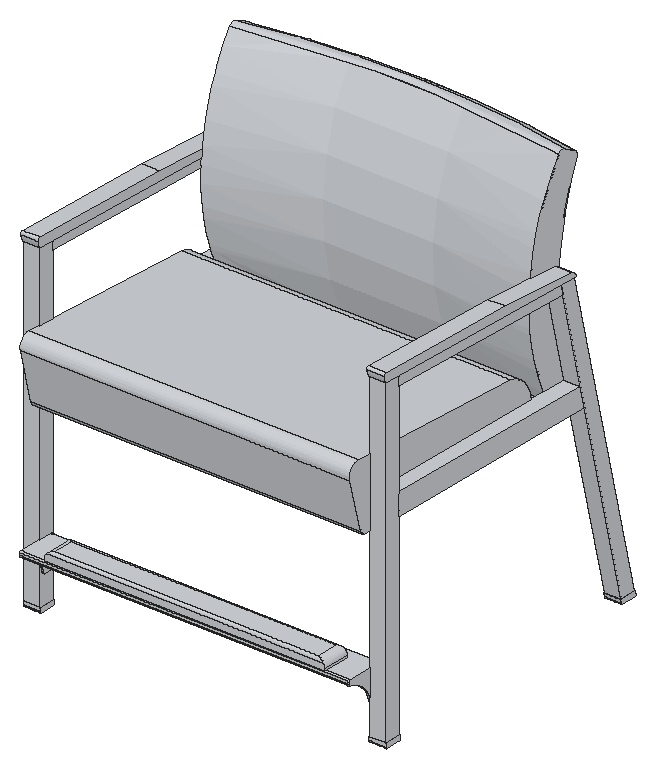
Revit family "Seat-LaZBoy-Kadia_Mod_Visitor_Seating-KAM10BHIP", category Furniture, Revit 2017
Family settings
  OmniClass Number = 23.40.20.00
  OmniClass Title = General Furniture and Specialties
  Work Plane-Based = No
  Always vertical = Yes
  Cut with Voids When Loaded = No
  Shared = No
  Room Calculation Point = No
Parameters (values of type "Wood Arm Caps")
  Width = 33.50"  # constant formula
  URL = "https://www.la-z-boy.com/"
  Seat Material [instance] = none
  Product Documentation Link = "URL"
  Model = "KAM10BHIPW"
  Manufacturer = "LaZBoy"
  Height = 39.25"  # constant formula
  Description = "Bariatric Hip Chair with Arm Wood Arm Caps"
  Depth = 31.00"  # constant formula
  Copyright © = "Inc"
  Back Material [instance] = none
  Assembly Code = "E2020200"
  Armcap Material [instance] = none
  Arm Material [instance] = none
Types (3): name | Model | Description
  Wood Arm Caps | "KAM10BHIPW" | "Bariatric Hip Chair with Arm Wood Arm Caps"
  Urethane Arm Caps | "KAM10BHIPU" | "Bariatric Hip Chair with Arm Urethane Arm Caps"
  Solid Surface Arm Caps | "KAM10BHIPJ" | "Bariatric Hip Chair with Solid Surface Arm Caps"
Reference planes (in)
  plane 1 "Center (Front/Back)": y = 0
  plane 2: z = 0
  plane 3 "Center (Left/Right)": x = 0
  plane 4 "Left": x = -15.75
  plane 5 "Right": x = 15.75
  plane 6: y = -15.5
  plane 7: x = 16.75
  plane 8: x = -16.75
  plane 9: z = 39.25
  plane 10: y = 15.5
Forms (in)
  Extrusion 1, solid, material <- "Seat Material"
    sketch origin (0, 0, 6) x (0, 1, 0) y (0, 0, 1)
      loop
        line (-15.4595466, 16.7064095) -> (-14.2298117, 11.9546006)
        arc (-14.2298117, 11.9546006) -> (-14.0557279, 11.687972) -> (-13.7559821, 11.5805087) r 0.5
        line (-13.7559821, 11.5805087) -> (-12.6308056, 11.5578108)
        arc (-12.6308056, 11.5578108) -> (-12.5416489, 11.5926562) -> (-12.5032539, 11.6803428) r 0.1250545
        line (-12.5032539, 11.6803428) -> (-12.478642, 12.9126864) -> (4.5505321, 12.5725871)
        arc (4.5505321, 12.5725871) -> (5.0903367, 12.7866628) -> (5.3155076, 13.3219343) r 0.75
        line (5.3155076, 13.3219343) -> (5.3161956, 14.3473966)
        arc (5.3161956, 14.3473966) -> (5.2663611, 14.746721) -> (5.1194114, 15.1213532) r 1.6161215
        line (5.1194114, 15.1213532) -> (4.7990974, 15.7095923)
        arc (4.7990974, 15.7095923) -> (4.0897918, 16.4931266) -> (3.100983, 16.8663526) r 2.25
        arc (3.100983, 16.8663526) -> (-5.6783447, 17.6840781) -> (-14.4914492, 17.9569487) r 142.4164629
        arc (-14.4914492, 17.9569487) -> (-15.2821829, 17.5690974) -> (-15.4595466, 16.7064095) r 1
    from -15.1875 to 15.1875
  Sweep 2, solid, material <- "Back Material"
    path origin (35.5, 0.0610223, 6) x (-1, 0, 0) y (0, -1, 0)
      loop
        arc (18.75, -5.0029125) -> (35.5, -6.9723213) -> (52.25, -5.0029125) r 72.2148377
    profile origin (0, 7.0333436, 6) x (0, -1, 0) y (0, 0, 1)
      loop
        line (-3.8255278, 33.1565463) -> (-4.9665209, 32.4977936)
        arc (-4.9665209, 32.4977936) -> (-5.1892054, 32.227782) -> (-5.1802846, 31.8779033) r 0.5
        arc (-5.1802846, 31.8779033) -> (-3.7798841, 27.5370488) -> (-3.0077867, 23.0417174) r 32.1540453
        arc (-3.0077867, 23.0417174) -> (-2.9556088, 21.6589142) -> (-3.0731887, 20.2801314) r 11.2768234
        arc (-3.0731887, 20.2801314) -> (-3.8735018, 16.7319969) -> (-5.1976304, 13.344307) r 24.1490869
        arc (-5.1976304, 13.344307) -> (-5.1594075, 12.6710132) -> (-4.5691099, 12.3449238) r 0.6973325
        line (-4.5691099, 12.3449238) -> (-2.8330495, 12.3449238)
        arc (-2.8330495, 12.3449238) -> (-2.4470807, 12.4518622) -> (-2.1711784, 12.7421821) r 0.75
        arc (-2.1711784, 12.7421821) -> (0.1362559, 22.9976788) -> (-3.124324, 32.9910809) r 19.8234502
        arc (-3.124324, 32.9910809) -> (-3.4421051, 33.2129007) -> (-3.8255278, 33.1565463) r 0.5254773
  Extrusion 3, void
    sketch origin (35.5, -0.5, 0) x (-1, 0, 0) y (0, -1, 0)
      loop
        line (20.375, -16.0029125) -> (50.625, -16.0029125) -> (50.625, -0.7529125) -> (20.375, -0.7529125) -> (20.375, -16.0029125)
      loop
        line (17.1180865, -17.492293) -> (54.4551085, -17.492293) -> (54.4551085, 0.351457) -> (17.1180865, 0.351457) -> (17.1180865, -17.492293)
    from 0 to 45.2731266
  Extrusion 4, solid, material <- "Arm Material"
    sketch origin (0, -0.25, 0) x (0, 1, 0) y (0, 0, 1)
      loop
        line (-11.7556614, 6.2046319) -> (-15.1242096, 6.2046319)
        arc (-15.1242096, 6.2046319) -> (-15.2136245, 6.167595) -> (-15.2506614, 6.07818) r 0.1264518
        line (-15.2506614, 6.07818) -> (-15.2506614, 5.8149618)
        arc (-15.2506614, 5.8149618) -> (-15.2206311, 5.731859) -> (-15.1444142, 5.6871502) r 0.13
        arc (-15.1444142, 5.6871502) -> (-13.6245005, 4.9103271) -> (-12.7751333, 3.4297302) r 2.9972907
        arc (-12.7751333, 3.4297302) -> (-12.7292812, 3.3576828) -> (-12.6486189, 3.3296319) r 0.13
        line (-12.6486189, 3.3296319) -> (-11.7556614, 3.3296319)
        arc (-11.7556614, 3.3296319) -> (-11.6637375, 3.367708) -> (-11.6256614, 3.4596319) r 0.13
        line (-11.6256614, 3.4596319) -> (-11.6256614, 6.0746319)
        arc (-11.6256614, 6.0746319) -> (-11.6637375, 6.1665558) -> (-11.7556614, 6.2046319) r 0.13
    from -15.1875 to 15.1875
  Extrusion 5, void
    sketch origin (0, 0, 0) x (0, 1, 0) y (0, 0, 1)
      loop
        line (-14.0631614, 5.9546319) -> (-14.0631614, 5.7046319) -> (-16.1818688, 5.7046319) -> (-16.1818688, 3.1878035) -> (-11.4318688, 3.1878035) -> (-11.4318688, 6.2046319) -> (-12.0631614, 6.2046319) -> (-12.0631614, 5.9546319) -> (-14.0631614, 5.9546319)
    from -14.94 to 14.94
  Extrusion 6, solid
    sketch origin (0, 0.3125, 0) x (0, 1, 0) y (0, 0, 1)
      loop
        line (-13.5625, 7.0850243) -> (-15.5625, 7.0850243)
        arc (-15.5625, 7.0850243) -> (-15.7392767, 7.011801) -> (-15.8125, 6.8350243) r 0.25
        line (-15.8125, 6.8350243) -> (-15.8125, 6.2046319) -> (-13.3125, 6.2046319) -> (-13.3125, 6.8350243)
        arc (-13.3125, 6.8350243) -> (-13.3857233, 7.011801) -> (-13.5625, 7.0850243) r 0.25
    from -15.1875 to 15.1875
  Extrusion 7, void
    sketch origin (0, 0, 0) x (1, 0, 0) y (0, 0, 1)
      loop
        line (-12.9269737, 6.2046319) -> (-12.9269737, 6.33504)
        arc (-12.9269737, 6.33504) -> (-12.7073084, 6.865359) -> (-12.1769895, 7.0850243) r 0.7499842
        line (-12.1769895, 7.0850243) -> (-12.1769895, 7.2046319) -> (-15.4269737, 7.2046319) -> (-15.4269737, 6.2046319) -> (-12.9269737, 6.2046319)
      loop
        line (12.9269737, 6.2046319) -> (15.4269737, 6.2046319) -> (15.4269737, 7.2046319) -> (12.1769895, 7.2046319) -> (12.1769895, 7.0850243)
        arc (12.1769895, 7.0850243) -> (12.7073084, 6.865359) -> (12.9269737, 6.33504) r 0.7499842
        line (12.9269737, 6.33504) -> (12.9269737, 6.2046319)
    from 0 to 15.9952438
Cuts and joins
  Extrusion 3 cuts Sweep 2
  Extrusion 5 cuts Extrusion 4
  Extrusion 7 cuts Extrusion 6
Lines and regions (in)
  Masking region 1
    outline origin (27, 0, 0) x (1, 0, 0) y (0, 1, 0)
      loop
        arc (-12.3125, -15.5) -> (-11.9589466, -15.3535534) -> (-11.8125, -15) r 0.5
        line (-11.8125, -15) -> (-11.8125, 11.9507825)
        arc (-11.8125, 11.9507825) -> (-27.0534512, 13.4092753) -> (-42.125, 10.7144262) r 56.3929129
        line (-42.125, 10.7144262) -> (-42.125, -15)
        arc (-42.125, -15) -> (-41.9785534, -15.3535534) -> (-41.625, -15.5) r 0.5
        line (-41.625, -15.5) -> (-12.3125, -15.5)
  symbolic lines, detail levels medium+fine
    curve 1: line (-13.4930339, 5.7937813, 0) -> (13.4930339, 5.7937813, 0)
    curve 2: arc (15.1875, 5.4507825, 0) -> (0.0319604, 7.0642725, 0) -> (-15.125, 5.4641849, 0) r 72.2850792
Dimensions and locks (in)
  equal spacing: plane 4 "Left", plane 3 "Center (Left/Right)", plane 5 "Right"
  equal spacing: plane 8, plane 3 "Center (Left/Right)", plane 7
  "Width": plane 8 to plane 7
  "Height": plane 9 to plane 2
  locked: plane 8 to plane 4 "Left" at 1
  plane 5 "Right" to plane 7 = 1.00"
  equal spacing: plane 10, plane 1 "Center (Front/Back)", plane 6
  "Depth": plane 6 to plane 10
  aligned and locked: level to plane 2
  aligned and locked: plane 3 "Center (Left/Right)" to nested 1
  aligned and locked: plane 1 "Center (Front/Back)" to nested 1
  aligned and locked: plane 10 to nested 2
  aligned and locked: nested 2 to plane 8
  aligned and locked: nested 3 to plane 7
  aligned and locked: plane 10 to nested 3
  aligned and locked: Masking region 1 sketch curve to plane 6
Automatic sketch dimensions
  plane 7 to Sweep 2 sketch curve = 16.75"
  plane 6 to Sweep 2 sketch curve = 49.68149"
  Sweep 2 sketch curve to plane 1 "Center (Front/Back)" = 5.06393"
  Sweep 2 sketch curve to plane 7 = 0.00"
  plane 7 to Sweep 2 sketch curve = 33.50"
  profile plane to Sweep 2 sketch curve = 19.86016"
  profile plane to Sweep 2 sketch curve = 35.00404"
  Sweep 2 sketch curve to Sweep 2 sketch curve = 8.04033"
  Sweep 2 sketch curve to Sweep 2 sketch curve = 7.29844"
  Sweep 2 sketch curve to Sweep 2 sketch curve = 5.436"
  profile plane to Sweep 2 sketch curve = 4.96652"
  Sweep 2 sketch curve to Sweep 2 sketch curve = 0.25"
  profile plane to Sweep 2 sketch curve = 4.56911"
  Sweep 2 sketch curve to Sweep 2 sketch curve = 1.14099"
  Sweep 2 sketch curve to Sweep 2 sketch curve = 0.26274"
  Sweep 2 sketch curve to Sweep 2 sketch curve = 1.73606"
  profile plane to Sweep 2 sketch curve = 13.09492"
  Sweep 2 sketch curve to Sweep 2 sketch curve = 0.05267"
  Sweep 2 sketch curve to Sweep 2 sketch curve = 0.75"
  Sweep 2 sketch curve to Sweep 2 sketch curve = 8.88365"
  Sweep 2 sketch curve to Sweep 2 sketch curve = 0.13969"
  Sweep 2 sketch curve to Sweep 2 sketch curve = 1.73893"
  Sweep 2 sketch curve to Sweep 2 sketch curve = 10.13888"
  Sweep 2 sketch curve to Sweep 2 sketch curve = 0.43301"
  Sweep 2 sketch curve to Sweep 2 sketch curve = 0.63669"
  Sweep 2 sketch curve to Sweep 2 sketch curve = 0.45508"
  Sweep 2 sketch curve to Sweep 2 sketch curve = 0.00"  (x4)
  plane 1 "Center (Front/Back)" to Extrusion 3 sketch curve = 0.85146"
  Extrusion 3 sketch curve to plane 7 = 1.63191"
  plane 10 to Extrusion 3 sketch curve = 0.00291"
  Extrusion 3 sketch curve to Extrusion 3 sketch curve = 3.25691"
  plane 7 to Extrusion 3 sketch curve = 31.875"
  plane 7 to Extrusion 3 sketch curve = 35.70511"
  plane 10 to Extrusion 3 sketch curve = 1.49229"
  Extrusion 3 sketch curve to plane 1 "Center (Front/Back)" = 0.25291"
  curve 2 to plane 3 "Center (Left/Right)" = 0.00"
  plane 6 to curve 2 = 49.7208"
  plane 4 "Left" to curve 2 = 0.625"
  plane 5 "Right" to curve 1 = 2.25697"
  plane 5 "Right" to curve 2 = 0.5625"
  curve 2 to plane 1 "Center (Front/Back)" = 5.45078"
  plane 4 "Left" to Masking region 1 sketch curve = 0.625"
  Masking region 1 sketch curve to plane 6 = 0.50"
  plane 3 "Center (Left/Right)" to Masking region 1 sketch curve = 2.24474"
  plane 5 "Right" to Masking region 1 sketch curve = 1.0625"
  Masking region 1 sketch curve to Masking region 1 sketch curve = 0.50"
  plane 6 to Masking region 1 sketch curve = 27.43679"
  Masking region 1 sketch curve to plane 10 = 4.78557"
  plane 6 to Extrusion 4 sketch curve = 0.44206"
  plane 6 to Extrusion 4 sketch curve = 0.00066"
  Extrusion 4 sketch curve to Extrusion 4 sketch curve = 0.12645"
  Extrusion 4 sketch curve to Extrusion 4 sketch curve = 0.13"  (x3)
  Extrusion 4 sketch curve to plane 6 = 2.60138"
  Extrusion 4 sketch curve to Extrusion 4 sketch curve = 0.89296"
  Extrusion 4 sketch curve to Extrusion 4 sketch curve = 0.00"  (x3)
  level to Extrusion 4 sketch curve = 2.74032"
  Extrusion 4 sketch curve to Extrusion 4 sketch curve = 2.615"
  Extrusion 4 sketch curve to Extrusion 4 sketch curve = 0.12651"
  Extrusion 5 sketch curve to plane 6 = 1.43684"
  Extrusion 5 sketch curve to Extrusion 5 sketch curve = 2.00"
  Extrusion 5 sketch curve to Extrusion 5 sketch curve = 0.63129"
  level to Extrusion 5 sketch curve = 3.1878"
  Extrusion 5 sketch curve to Extrusion 5 sketch curve = 2.51683"
  Extrusion 5 sketch curve to Extrusion 5 sketch curve = 0.25"  (x2)
  plane 6 to Extrusion 5 sketch curve = 0.68187"
  plane 6 to Extrusion 6 sketch curve = 0.00"
  Extrusion 6 sketch curve to plane 6 = 0.25"
  Extrusion 6 sketch curve to plane 6 = 2.25"
  level to Extrusion 6 sketch curve = 6.20463"
  Extrusion 6 sketch curve to Extrusion 6 sketch curve = 0.63039"
  Extrusion 6 sketch curve to Extrusion 6 sketch curve = 0.25"
  plane 4 "Left" to Extrusion 7 sketch curve = 0.32303"
  Extrusion 7 sketch curve to Extrusion 7 sketch curve = 2.50"
  Extrusion 7 sketch curve to Extrusion 7 sketch curve = 0.74998"  (x2)
  plane 5 "Right" to Extrusion 7 sketch curve = 3.57301"
  plane 5 "Right" to Extrusion 7 sketch curve = 0.32303"
  level to Extrusion 7 sketch curve = 6.20463"  (x2)
  Extrusion 7 sketch curve to Extrusion 7 sketch curve = 0.13041"  (x2)
  Extrusion 7 sketch curve to Extrusion 7 sketch curve = 1.00"  (x2)
  Extrusion 1 sketch curve to plane 6 = 0.04045"
  Extrusion 1 sketch curve to Extrusion 1 sketch curve = 0.96811"
  Extrusion 1 sketch curve to plane 6 = 1.00984"
  Extrusion 1 sketch curve to plane 6 = 1.27019"
  Extrusion 1 sketch curve to Extrusion 1 sketch curve = 0.47383"
  Extrusion 1 sketch curve to Extrusion 1 sketch curve = 0.01008"
  Extrusion 1 sketch curve to Extrusion 1 sketch curve = 1.12518"
  Extrusion 1 sketch curve to Extrusion 1 sketch curve = 0.00252"
  Extrusion 1 sketch curve to Extrusion 1 sketch curve = 0.12503"
  Extrusion 1 sketch curve to Extrusion 1 sketch curve = 0.02461"
  Extrusion 1 sketch curve to plane 1 "Center (Front/Back)" = 2.82307"
  Extrusion 1 sketch curve to Extrusion 1 sketch curve = 0.87701"
  Extrusion 1 sketch curve to Extrusion 1 sketch curve = 0.85046"
  Extrusion 1 sketch curve to Extrusion 1 sketch curve = 0.01498"
  Extrusion 1 sketch curve to Extrusion 1 sketch curve = 1.09902"
  Extrusion 1 sketch curve to Extrusion 1 sketch curve = 0.32031"
  Extrusion 1 sketch curve to Extrusion 1 sketch curve = 0.75"
  Extrusion 1 sketch curve to Extrusion 1 sketch curve = 0.19678"
  Extrusion 1 sketch curve to level = 118.45951"
  level to Extrusion 1 sketch curve = 17.55781"
  Extrusion 1 sketch curve to Extrusion 1 sketch curve = 0.0227"
  Extrusion 1 sketch curve to Extrusion 1 sketch curve = 0.12253"
  Extrusion 1 sketch curve to Extrusion 1 sketch curve = 0.37409"
  Extrusion 1 sketch curve to Extrusion 1 sketch curve = 0.89224"
  Extrusion 1 sketch curve to Extrusion 1 sketch curve = 0.74935"
  Extrusion 1 sketch curve to Extrusion 1 sketch curve = 1.02546"
  Extrusion 1 sketch curve to Extrusion 1 sketch curve = 1.02604"
  Extrusion 1 sketch curve to Extrusion 1 sketch curve = 0.2851"
  Extrusion 1 sketch curve to Extrusion 1 sketch curve = 0.58824"
  Extrusion 1 sketch curve to Extrusion 1 sketch curve = 3.79372"
  Extrusion 1 sketch curve to Extrusion 1 sketch curve = 0.25054"
  Extrusion 1 sketch curve to Extrusion 1 sketch curve = 0.00"
Nested families (in)
  nested 1: "Label 1-16" at (0, 0, 0), type "Center", detail levels fine
    with Offset (LR) 0.00"
  nested 2: "KAM-Legs" at (-15.9375, 0.6247853, 0), type "Standard"
  nested 3: "KAM-Legs" at (15.9375, 0.6247853, 0) x (-1, 0, 0) z (0, 0, 1), type "Standard"
Definition of nested family "KAM-Legs"
  Parameters (values of type "Standard")
    URL = ""
    Model = ""
    Manufacturer = ""
    Description = ""
    Assembly Code = "E2020200"
    Armcap Material = none
    Arm Material = none
  Reference planes (in)
    plane 1 "Center (Front/Back)": y = 0
    plane 2: z = 0
    plane 3 "Center (Left/Right)": x = 0
    plane 4 "Left": x = -0.75
    plane 5 "Right": x = 0.75
    plane 6 "Top": z = 7.875
    plane 7: z = 3.9375
    plane 8: y = 14.8752147
    plane 9: y = -12.7067726
    plane 10: x = -0.8125
    plane 11: x = 0.8125
  Forms (in)
    Extrusion 1, solid, material <- "Arm Material"
      sketch origin (0, 0, 0) x (0, 1, 0) y (0, 0, 1)
        loop
          line (14.7771916, 0.556203) -> (7.8230313, 29.4832257) -> (6.2947222, 29.543285) -> (13.2361024, 0.556203) -> (14.7771916, 0.556203)
        loop
          line (-12.3165572, 0.548314) -> (-12.3165572, 30.2746687) -> (-13.8036035, 30.3331064) -> (-13.8036035, 0.548314) -> (-12.3165572, 0.548314)
      from -0.75 to 0.75
    Extrusion 2, solid, material <- "Armcap Material"
      sketch origin (0, -1.3595029, 5.8604129) x (0, 1, 0) y (0, 0, 1)
        loop
          line (9.3196194, 23.635751) -> (9.2811342, 23.8168094)
          arc (9.2811342, 23.8168094) -> (9.1496591, 24.0463493) -> (8.9091244, 24.156428) r 0.4325916
          arc (8.9091244, 24.156428) -> (5.0849934, 24.5340428) -> (1.2488018, 24.7581073) r 95.8723656
          line (1.2488018, 24.7581073) -> (-12.4764547, 25.284036)
          arc (-12.4764547, 25.284036) -> (-12.6516142, 25.209065) -> (-12.7044386, 25.0260048) r 0.2223732
          arc (-12.7044386, 25.0260048) -> (-12.6350022, 24.7422129) -> (-12.5222256, 24.4726936) r 1.8706892
          line (-12.5222256, 24.4726936) -> (9.3196194, 23.635751)
      from -0.8125 to 0.8125
    Extrusion 3, solid
      sketch origin (0, 0.0039889, 0) x (1, 0, 0) y (0, 1, 0)
        loop
          circle (0, 14.0501646) r 0.5638155
        loop
          circle (0, -13.0748354) r 0.5638155
      from 0 to 0.262
    Extrusion 4, solid, material <- "Arm Material"
      sketch origin (0, 0, 0) x (0, 1, 0) y (0, 0, 1)
        loop
          line (8.5349735, 20.1880348) -> (-12.3165572, 20.6079933) -> (-12.3165572, 18.6075878) -> (9.0163213, 18.1779348) -> (8.5349735, 20.1880348)
        loop
          line (-12.3165572, 29.3989933) -> (6.5064075, 28.6592909) -> (6.2947222, 29.543285) -> (-12.3165572, 30.2746687) -> (-12.3165572, 29.3989933)
      from 0.75 to -0.75
    Extrusion 5, solid
      sketch origin (0, 0, 0) x (0, 1, 0) y (0, 0, 1)
        loop
          line (14.8034676, 0.556203) -> (13.2060645, 0.556203) -> (13.288353, 0.1997723)
          arc (13.288353, 0.1997723) -> (13.3381872, 0.1207898) -> (13.4263556, 0.09) r 0.1416327
          line (13.4263556, 0.09) -> (14.7515784, 0.09)
          arc (14.7515784, 0.09) -> (14.8508823, 0.1378986) -> (14.8752147, 0.2454322) r 0.1268885
          line (14.8752147, 0.2454322) -> (14.8034676, 0.556203)
        loop
          line (-12.2759322, 0.548314) -> (-13.8238971, 0.548314) -> (-13.8238971, 0.2125343)
          arc (-13.8238971, 0.2125343) -> (-13.7891623, 0.1286772) -> (-13.7053051, 0.0939424) r 0.1185919
          line (-13.7053051, 0.0939424) -> (-12.3983317, 0.0939424)
          arc (-12.3983317, 0.0939424) -> (-12.3117822, 0.1297924) -> (-12.2759322, 0.2163419) r 0.1223995
          line (-12.2759322, 0.2163419) -> (-12.2759322, 0.548314)
      from 0.79 to -0.79
  Lines and regions (in)
    Masking region 1
      outline origin (0, 0, 0) x (1, 0, 0) y (0, 1, 0)
        loop
          line (-0.75, 14.8752147) -> (-0.75, 9.3196194) -> (-0.8125, 9.3196194) -> (-0.8125, -12.7067726) -> (0.8125, -12.7067726) -> (0.8125, 9.3196194) -> (0.75, 9.3196194) -> (0.75, 14.8752147) -> (-0.75, 14.8752147)
    symbolic lines, detail levels medium+fine
      curve 1: line (-0.75, 9.3196194, 0) -> (0.75, 9.3196194, 0)
  Dimensions and locks (in)
    equal spacing: plane 4 "Left", plane 3 "Center (Left/Right)", plane 5 "Right"
    plane 2 to plane 6 "Top" = 7.875"
    equal spacing: plane 6 "Top", plane 7, plane 2
    aligned and locked: level to plane 2
    aligned and locked: Masking region 1 sketch curve to plane 8
    aligned and locked: Masking region 1 sketch curve to plane 4 "Left"
    aligned and locked: plane 5 "Right" to Masking region 1 sketch curve
    aligned and locked: Masking region 1 sketch curve to plane 9
    aligned and locked: Masking region 1 sketch curve to Extrusion 2
    aligned and locked: Extrusion 2 to Masking region 1 sketch curve
    aligned and locked: Extrusion 4 sketch curve to Extrusion 1  (x2)
  Automatic sketch dimensions
    Extrusion 3 sketch curve to plane 3 "Center (Left/Right)" = 0.00"  (x2)
    Extrusion 4 sketch curve to Extrusion 4 sketch curve = 0.48135"
    Extrusion 4 sketch curve to plane 6 "Top" = 10.73259"
    Extrusion 3 sketch curve to plane 1 "Center (Front/Back)" = 14.05415"
    plane 1 "Center (Front/Back)" to Extrusion 3 sketch curve = 13.07085"
    plane 9 to Extrusion 1 sketch curve = 1.09683"
    Extrusion 1 sketch curve to Extrusion 1 sketch curve = 1.48705"
    Extrusion 1 sketch curve to plane 8 = 0.09802"
    level to Extrusion 1 sketch curve = 0.54831"
    level to Extrusion 1 sketch curve = 0.5562"
    Extrusion 1 sketch curve to plane 8 = 8.58049"
    Extrusion 1 sketch curve to Extrusion 1 sketch curve = 1.52831"
    Extrusion 1 sketch curve to Extrusion 1 sketch curve = 1.54109"
    Extrusion 1 sketch curve to Extrusion 1 sketch curve = 0.06006"
    Extrusion 1 sketch curve to plane 6 "Top" = 21.60823"
    Extrusion 4 sketch curve to Extrusion 4 sketch curve = 2.00041"
    Extrusion 4 sketch curve to plane 8 = 5.85889"
    plane 9 to Extrusion 2 sketch curve = 1.17496"
    plane 9 to Extrusion 2 sketch curve = 1.1377"
    Extrusion 2 sketch curve to Extrusion 2 sketch curve = 0.00851"
    Extrusion 2 sketch curve to Extrusion 2 sketch curve = 1.61828"
    plane 1 "Center (Front/Back)" to Extrusion 2 sketch curve = 3.78167"
    plane 1 "Center (Front/Back)" to Extrusion 2 sketch curve = 0.1107"
    Extrusion 2 sketch curve to plane 8 = 7.37672"
    Extrusion 2 sketch curve to Extrusion 2 sketch curve = 0.42314"
    Extrusion 2 sketch curve to Extrusion 2 sketch curve = 0.03849"
    Extrusion 2 sketch curve to level = 65.18354"
    Extrusion 2 sketch curve to plane 6 "Top" = 21.62116"
    Extrusion 2 sketch curve to Extrusion 2 sketch curve = 0.09112"
    Extrusion 2 sketch curve to Extrusion 2 sketch curve = 0.18106"
    Extrusion 2 sketch curve to plane 6 "Top" = 22.45811"
    Extrusion 2 sketch curve to Extrusion 2 sketch curve = 1.03124"
    Extrusion 2 sketch curve to Extrusion 2 sketch curve = 0.58913"
    Extrusion 2 sketch curve to Extrusion 2 sketch curve = 0.22221"
    Extrusion 2 sketch curve to Extrusion 2 sketch curve = 0.04331"
    Extrusion 5 sketch curve to plane 8 = 0.00"
    Extrusion 5 sketch curve to plane 8 = 0.07175"
    Extrusion 5 sketch curve to plane 8 = 0.12364"
    level to Extrusion 5 sketch curve = 0.23163"
    Extrusion 5 sketch curve to Extrusion 5 sketch curve = 1.32522"
    level to Extrusion 5 sketch curve = 0.19977"
    Extrusion 5 sketch curve to Extrusion 5 sketch curve = 0.138"
    level to Extrusion 5 sketch curve = 0.5562"
    Extrusion 5 sketch curve to Extrusion 5 sketch curve = 0.08229"
    level to Extrusion 5 sketch curve = 0.21634"
    Extrusion 5 sketch curve to plane 9 = 0.43084"
    Extrusion 5 sketch curve to Extrusion 5 sketch curve = 0.1224"
    plane 9 to Extrusion 5 sketch curve = 0.99853"
    plane 9 to Extrusion 5 sketch curve = 1.11712"
    Extrusion 5 sketch curve to Extrusion 5 sketch curve = 0.12689"
    Extrusion 5 sketch curve to Extrusion 5 sketch curve = 0.33578"
    Masking region 1 sketch curve to plane 8 = 5.5556"
    Masking region 1 sketch curve to Masking region 1 sketch curve = 0.00"
    curve 1 to plane 4 "Left" = 0.00"
    curve 1 to plane 5 "Right" = 0.00"
    curve 1 to plane 8 = 5.5556"
    Extrusion 1 sketch curve to Extrusion 1 sketch curve = 0.73138"
    Extrusion 1 sketch curve to Extrusion 1 sketch curve = 0.05844"
    Extrusion 4 sketch curve to plane 9 = 0.39022"
    Extrusion 4 sketch curve to plane 1 "Center (Front/Back)" = 6.29472"
    Extrusion 4 sketch curve to Extrusion 4 sketch curve = 0.21169"
    Extrusion 4 sketch curve to Extrusion 4 sketch curve = 8.47126"
    Extrusion 4 sketch curve to Extrusion 4 sketch curve = 8.791"
    Extrusion 4 sketch curve to Extrusion 4 sketch curve = 0.88399"
    Extrusion 4 sketch curve to Extrusion 4 sketch curve = 0.87568"
    radius of Extrusion 3 sketch curve = 0.56382"  (x2)
Definition of nested family "Label 1-16"
  Parameters (values of type "Center")
    P_Width = 0.00"
    Text_Width = "Empty"
    Text_Height = "Empty"
    Text_Diameter = "Empty"
    Text_Depth = "Empty"
    Offset (LR) [instance] = 0.00"
    Model Name = "6961"
    P_Height = 0.00"
    Distance of Center (not Change) = 0.00"
    P_Diameter = 0.00"
    P_Depth = 0.00"
  Reference planes (in)
    plane 1: y = 0
    plane 2: x = 0
  Lines and regions (in)
    reference lines
      curve 1: line (-0.4435932, 0, 0) -> (0.4108533, 0, 0)
      curve 3: line (0, 0.3256416, 0) -> (0, -0.4022122, 0)
    reference lines, not visible
      curve 2: line (-0.4435932, 0.0984252, 0) -> (0.4108533, 0.0984252, 0)
      curve 4: line (0, 0.4240668, 0) -> (0, -0.303787, 0)
  Text (in)
    label "Empty" at (0.0019675, -0.0079007, 0), shows "Model Name"
    label "Empty" at (0.0019675, 0.0905245, 0), shows "Model Name", not visible
  Dimensions and locks (in)
    "Distance of Center (not Change)": plane 1 to curve 1
    "Offset (LR)": curve 3 to plane 2
  Automatic sketch dimensions
    curve 1 to curve 3 = 0.44359"
    curve 3 to curve 1 = 0.41085"
    curve 3 to curve 1 = 0.40221"
    curve 1 to curve 3 = 0.32564"
    curve 2 to curve 4 = 0.44359"
    curve 4 to curve 2 = 0.41085"
    curve 4 to curve 2 = 0.40221"
    curve 2 to curve 4 = 0.32564"
